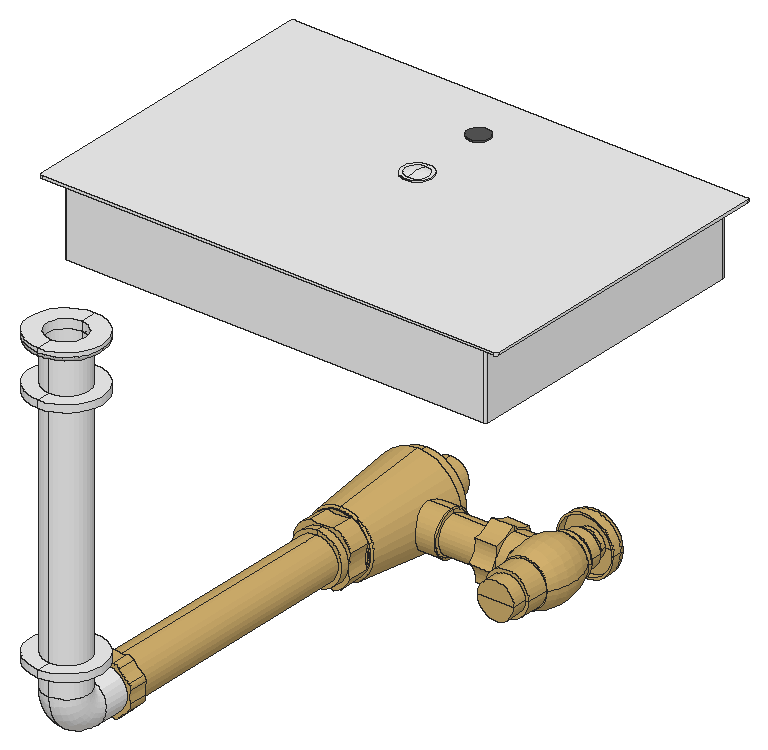
Revit family "Flush_Valve-Urinal_Concealed-American_Standard-Selectronic-Exposed_Back_Spud-606B3X1_Series", category Plumbing Fixtures, host Face, Revit 2019
Family settings
  Host = Face
  Round Connector Dimension = Use Diameter
  Part Type = Normal
  OmniClass Number = 23.65.70.00
  OmniClass Title = Terminals for Supplied Liquids and Gases
  Cut with Voids When Loaded = Yes
  Shared = Yes
  Room Calculation Point = No
Parameters (values of type "606B.361.007")
  Waste Connection = no
  Warranty Information = "1 Year Limited Warranty"  # constant formula
  WFU = 5  # constant formula
  Vent Connection = no
  URL = "http://www.americanstandard-us.com/"
  Type Comments = "Power Kits Must Be Purchased Separately."  # constant formula
  Tube Length to Fixture Constraint = 10"
  Tube Length to Fixture = if(Tube Length to Fixture Constraint > 17 3/4", 17 3/4", Tube Length to Fixture Constraint)  # 10"
  Revised Date = "10/01/2021"  # constant formula
  Product Page URL = "https://www.americanstandard-us.com/Sensor-Flush-Valves/Ultima-Selectronic-Concealed-Toilet-Flush-Valve-with-Wall-Box-Base-Model-Piston-Type-16-gpf-60-Lpf/NO-FINISH-606B361007"
  Product Documentation Link = "https://americanstandard.box.com/shared/static/js3fq7hfrxc4ak3h8332p8u99to0tl93.pdf"
  Price = "Prices may vary. Please consult Manufacturer Representative for most up-to-date price list."  # constant formula
  PK00.WRK Power Kit = no
  PK00.PAC Power Kit = no
  PK00.MAC Power Kit = no
  PK00.HAC Power Kit = no
  PK00.CRP Power Kit = no
  Operating Pressure = "25 psi (flowing) - 80 psi (static)"  # constant formula
  NPT Distance to Valve Constraint = 5 1/4"
  NPT Distance to Valve = if(NPT Distance to Valve Constraint < 4 1/4", 4 1/4", if(NPT Distance to Valve Constraint > 5 1/4", 5 1/4", NPT Distance to Valve Constraint))  # 5 1/4"
  Model = "606B.361.007"
  Material = "Brass-American Standard-Satin"
  Manufacturer = "American Standard"  # constant formula
  Installation Type = "Exposed Back Spud"  # constant formula
  Height = 13 7/8"
  HWFU = 0  # constant formula
  HW Connection = no
  Flush Rate = "1.6 gpf/6.0 Lpf"
  Flow Requirement = "25 gpm/94.6 L/min"  # constant formula
  Finish- Flush Valve = Brass-American Standard-Satin
  Finish = Stainless Steel-American Standard-007-Chrome
  Description = "Ultima Selectronic, Concealed Toilet Flush Valve With Wall Box, Piston-Type, Exposed Back Spud, 1.1 gpf"  # constant formula
  Default Elevation = 0"
  Critical Line Distance from Tube Constraint = 5 1/4"
  Critical Line Distance from Tube = if(Critical Line Distance from Tube Constraint < 6", 6", Critical Line Distance from Tube Constraint)  # 6"
  Creation Date = "03/30/2021"  # constant formula
  Cold Water Connection Width = 4 1/4"
  Cold Water Connection Radius = 1/2"
  Cold Water Connection Diameter = Cold Water Connection Radius * 2  # 1"
  CWFU = 5  # constant formula
  CW Connection = yes
  Assembly Code = "D2020100"
  ADA Compliant = yes
Types (4): name | Tube Length to Fixture Constraint | Tube Length to Fixture | Product Page URL | NPT Distance to Valve Constraint | NPT Distance to Valve | Model | Flush Rate | Critical Line Distance from Tube Constraint
  (no name) | 10" | 10" | "https://www.americanstandard-us.com/Sensor-Flush-Valves/Ultima-Selectronic-Concealed-Toilet-Flush-Valve-with-Wall-Box-Base-Model-Piston-Type-16-gpf-60-Lpf/NO-FINISH-606B361007" | 5 1/4" | 5 1/4" | "606B.361.007" | "1.6 gpf/6.0 Lpf" | 5 1/4"
  606B.311.007 | 6" | 6" | "https://www.americanstandard-us.com/Sensor-Flush-Valves/Ultima-Selectronic-Concealed-Toilet-Flush-Valve-with-Wall-Box-Base-Model-Piston-Type-11-gpf-42-Lpf/NO-FINISH-606B311007" | 4 1/4" | 4 1/4" | "606B.311.007" | "1.1 gpf/4.2 Lpf" | 4 1/4"
  606B.321.007 | 5" | 5" | "https://www.americanstandard-us.com/Sensor-Flush-Valves/Ultima-Selectronic-Concealed-Toilet-Flush-Valve-with-Wall-Box-Base-Model-Piston-Type-128-gpf-48-Lpf/NO-FINISH-606B321007" | 4 1/4" | 4 1/4" | "606B.321.007" | "1.28 gpf/4.8 Lpf" | 4 1/4"
  606B.361.007 | 10" | 10" | "https://www.americanstandard-us.com/Sensor-Flush-Valves/Ultima-Selectronic-Concealed-Toilet-Flush-Valve-with-Wall-Box-Base-Model-Piston-Type-16-gpf-60-Lpf/NO-FINISH-606B361007" | 5 1/4" | 5 1/4" | "606B.361.007" | "1.6 gpf/6.0 Lpf" | 5 1/4"
Reference planes (in)
  plane 1 "Center (Front/Back)": y = 0
  plane 2: z = 0
  plane 3 "Center (Left/Right)": x = 0
  plane 4: z = -8.5
  plane 5: y = 16.69552
  plane 6: y = 15.94552
  plane 7: y = 15.82052
  plane 8: y = 15.63302
  plane 9: y = 15.25825
  plane 10: y = 11.88325
  plane 11: y = 11.852
  plane 12: y = 11.352
  plane 13: y = 11.32023
  plane 14: y = 10.852
  plane 15: y = 2.32052
  plane 16: z = -9.375
  plane 17: z = -9.407
  plane 18: z = -8.8744
  plane 19: z = -8.6244
  plane 20: z = -9
  plane 21: z = -8.9375
  plane 22: z = -8.99556
  plane 23: z = -9.25
  plane 24: z = -4
  plane 25: y = 1.69552
  plane 26: y = 15.22284
  plane 27: y = 15.72897
  plane 28: x = 5.25
  plane 29: z = -10
  plane 30: y = 6
  plane 31: y = 14.25
  plane 32: z = -8.38187
  plane 33: z = -10
  plane 34: z = 1.61813
Forms (in)
  Revolve 1, solid, material "Brass-American Standard-Satin" <- "Finish- Flush Valve"
    sketch origin (0, -21.89848, -5) x (0, -1, 0) y (0, 0, 1)
      loop
        line (-23.59401, -5) -> (-23.59401, -4) -> (-24.21901, -4) -> (-24.21901, -4.25) -> (-32.75048, -4.25) -> (-32.75048, -4.11211) -> (-33.01835, -4.11211) -> (-33.01835, -3.9375) -> (-33.75048, -3.9375) -> (-33.75048, -3.99556) -> (-33.78173, -3.99556) -> (-33.78173, -3.92387)
        arc (-33.78173, -3.92387) -> (-33.79573, -3.88446) -> (-33.83145, -3.8627) r 0.0625
        arc (-33.83145, -3.8627) -> (-35.48525, -3.60035) -> (-37.15673, -3.5) r 17.20619
        line (-37.15673, -3.5) -> (-37.15673, -3.6244) -> (-37.53151, -3.6244) -> (-37.53151, -3.8744) -> (-37.71901, -3.8744) -> (-37.71901, -4.407) -> (-37.84401, -4.407) -> (-37.84401, -4.375) -> (-38.59401, -4.375) -> (-38.59401, -5) -> (-23.59401, -5)
      axis (-38.59401, -5) -> (-23.59401, -5)
    angle from 0 to 360
  Sweep 2, solid, material "Stainless Steel-American Standard-007-Chrome"
    path origin (0, 0, -3.78125) x (0, 0, -1) y (0, 1, 0)
      loop
        line (6.21875, 1.69552) -> (6.21875, 0.8)
        arc (6.21875, 0.8) -> (5.98444, 0.23431) -> (5.41875, 0) r 0.8
        line (5.41875, 0) -> (-5.39938, 0)
    profile origin (0, 1.24776, -10) x (0, 0, -1) y (1, 0, 0)
      loop
        circle (0, 0) r 0.75
      loop
        circle (0, 0) r 0.65625
  Revolve 3, solid, material "Brass-American Standard-Satin" <- "Finish- Flush Valve"
    sketch origin (-8.47849, 14.25, -4.98125) x (-1, 0, 0) y (0, 0, 1)
      loop
        line (-8.47849, -5.01875) -> (-13.72849, -5.01875) -> (-13.72849, -5.83125) -> (-12.60349, -5.83125) -> (-12.60349, -6.01875) -> (-11.85349, -6.01875) -> (-11.85349, -5.64375) -> (-10.48636, -5.64375) -> (-10.48636, -5.73859)
        arc (-10.48636, -5.73859) -> (-10.47753, -5.75992) -> (-10.4562, -5.76875) r 0.03016
        line (-10.4562, -5.76875) -> (-8.47849, -5.76875) -> (-8.47849, -5.01875)
      axis (-13.72849, -5.01875) -> (-8.47849, -5.01875)
    angle from 0 to 360
  Extrusion 4, solid, material "Stainless Steel-American Standard-007-Chrome"
    sketch origin (0.00041, -3.21824, -1.38367) x (1, 0, 0) y (0, 1, 0)
      loop
        arc (7.23293, 12.28074) -> (7.28861, 12.3038) -> (7.31167, 12.35948) r 0.07874
        line (7.31167, 12.35948) -> (7.31167, 22.577)
        arc (7.31167, 22.577) -> (7.28861, 22.63268) -> (7.23293, 22.65574) r 0.07874
        line (7.23293, 22.65574) -> (-7.23375, 22.65574)
        arc (-7.23375, 22.65574) -> (-7.28943, 22.63268) -> (-7.31249, 22.577) r 0.07874
        line (-7.31249, 22.577) -> (-7.31249, 12.35948)
        arc (-7.31249, 12.35948) -> (-7.28943, 12.3038) -> (-7.23375, 12.28074) r 0.07874
        line (-7.23375, 12.28074) -> (7.23293, 12.28074)
      loop
        line (-7.18791, 22.53074) -> (-7.18791, 12.40673) -> (7.18709, 12.40673) -> (7.18709, 22.53074) -> (-7.18791, 22.53074)
    from -1.0688 to 1.38367
  Extrusion 5, solid, material "Stainless Steel-American Standard-007-Chrome"
    sketch origin (0.00041, -3.21824, -1.38367) x (1, 0, 0) y (0, 1, 0)
      loop
        arc (7.82772, 11.96824) -> (7.90506, 12.00028) -> (7.93709, 12.07762) r 0.10938
        line (7.93709, 12.07762) -> (7.93709, 22.85887)
        arc (7.93709, 22.85887) -> (7.90506, 22.93621) -> (7.82772, 22.96824) r 0.10938
        line (7.82772, 22.96824) -> (-7.82935, 22.96824)
        arc (-7.82935, 22.96824) -> (-7.90611, 22.93645) -> (-7.93791, 22.85968) r 0.10856
        line (-7.93791, 22.85968) -> (-7.93791, 12.07762)
        arc (-7.93791, 12.07762) -> (-7.90587, 12.00028) -> (-7.82853, 11.96824) r 0.10937
        line (-7.82853, 11.96824) -> (7.82772, 11.96824)
    from 1.38367 to 1.46241
  Revolve 6, solid, material "Stainless Steel-American Standard-007-Chrome"
    sketch origin (0, 23.1149, 51.16511) x (0, 0, -1) y (0, 1, 0)
      loop
        line (51.08637, -7.89205) -> (51.08637, -7.38592) -> (51.05437, -7.38592) -> (51.05437, -7.51092)
        arc (51.05437, -7.51092) -> (51.01515, -7.6997) -> (51.002, -7.89205) r 1.41307
        line (51.002, -7.89205) -> (51.08637, -7.89205)
      axis (51.002, -7.89205) -> (51.08637, -7.89205)
    angle from 0 to 360
  Extrusion 7, void
    sketch origin (2.67097, 2.78368, -5.01931) x (0, 1, 0) y (0, 0, 1)
      loop
        arc (12.45466, -4.99095) -> (12.24765, -4.66587) -> (12.15315, -4.29225) r 1.21199
        arc (12.15315, -4.29225) -> (11.78699, -4.20192) -> (11.46632, -4.00342) r 1.21199
        arc (11.46632, -4.00342) -> (11.1285, -4.22996) -> (10.73475, -4.33198) r 1.21199
        arc (10.73475, -4.33198) -> (10.70893, -4.71233) -> (10.47893, -5.01635) r 0.66675
        arc (10.47893, -5.01635) -> (10.7147, -5.32466) -> (10.77541, -5.708) r 0.79091
        arc (10.77541, -5.708) -> (11.17298, -5.74211) -> (11.49375, -5.97946) r 0.73286
        arc (11.49375, -5.97946) -> (11.79041, -5.76809) -> (12.14997, -5.70978) r 0.80183
        arc (12.14997, -5.70978) -> (12.24285, -5.32516) -> (12.45466, -4.99095) r 1.21199
      loop
        circle (11.46632, -4.98611) r 1.17089
    from 0.70403 to 1.45403
  Extrusion 8, void
    sketch origin (11.51341, 13.37924, -5.01931) x (-1, 0, 0) y (0, 0, 1)
      loop
        arc (12.61994, -5.46025) -> (12.54576, -5.00334) -> (12.61877, -4.54624) r 1.45559
        arc (12.61877, -4.54624) -> (12.25723, -4.27266) -> (11.99739, -3.90113) r 1.45579
        arc (11.99739, -3.90113) -> (11.51706, -3.99088) -> (11.0341, -3.91662) r 1.45556
        arc (11.0341, -3.91662) -> (10.77934, -4.2807) -> (10.42662, -4.55098) r 1.45579
        arc (10.42662, -4.55098) -> (10.46881, -5.00301) -> (10.42605, -5.45498) r 2.42631
        arc (10.42605, -5.45498) -> (10.81011, -5.72123) -> (11.09003, -6.09543) r 1.45598
        arc (11.09003, -6.09543) -> (11.51716, -6.03856) -> (11.94222, -6.10919) r 1.45598
        arc (11.94222, -6.10919) -> (12.22738, -5.72863) -> (12.61994, -5.46025) r 1.45598
      loop
        circle (11.52577, -4.98611) r 1.42647
    from 2.25378 to 2.97553
  Extrusion 9, void
    sketch origin (11.51341, 9.25, -5.01931) x (-1, 0, 0) y (0, 0, 1)
      loop
        arc (12.60002, -5.62524) -> (12.7775, -5.00598) -> (12.61976, -4.3814) r 1.2378
        arc (12.61976, -4.3814) -> (12.43901, -5.00061) -> (12.60002, -5.62524) r 1.21735
      loop
        arc (10.46392, -5.64564) -> (10.6063, -5.023) -> (10.4145, -4.41376) r 1.2198
        arc (10.4145, -4.41376) -> (10.2732, -5.03636) -> (10.46392, -5.64564) r 1.22665
      loop
        arc (12.12753, -3.89049) -> (11.51459, -3.72813) -> (10.90463, -3.90136) r 1.19802
        arc (10.90463, -3.90136) -> (11.51753, -4.05911) -> (12.12753, -3.89049) r 1.22716
      loop
        arc (12.15356, -6.06702) -> (11.52698, -5.89577) -> (10.90085, -6.06869) r 1.22591
        arc (10.90085, -6.06869) -> (11.52744, -6.24117) -> (12.15356, -6.06702) r 1.21847
    from 1.51929 to 2.58069
  Extrusion 10, void
    sketch origin (11.56028, 0.17623, -5.03494) x (-1, 0, 0) y (0, 0, 1)
      loop
        arc (12.43776, -5.19871) -> (12.41532, -4.93685) -> (12.4496, -4.67628) r 1.21735
        arc (12.4496, -4.67628) -> (12.44464, -4.60603) -> (12.39983, -4.5517) r 0.11559
        arc (12.39983, -4.5517) -> (12.19036, -4.3815) -> (12.0234, -4.16946) r 1.22116
        arc (12.0234, -4.16946) -> (11.95101, -4.10878) -> (11.85675, -4.10277) r 0.15153
        arc (11.85675, -4.10277) -> (11.5796, -4.14155) -> (11.30088, -4.11653) r 1.22716
        arc (11.30088, -4.11653) -> (11.1785, -4.12829) -> (11.08408, -4.20702) r 0.20827
        arc (11.08408, -4.20702) -> (10.93008, -4.39878) -> (10.7409, -4.55595) r 1.2261
        arc (10.7409, -4.55595) -> (10.67832, -4.63327) -> (10.66985, -4.73238) r 0.16961
        arc (10.66985, -4.73238) -> (10.69659, -4.94892) -> (10.68431, -5.16677) r 1.2198
        arc (10.68431, -5.16677) -> (10.70552, -5.33176) -> (10.80948, -5.46162) r 0.30778
        arc (10.80948, -5.46162) -> (10.95042, -5.57975) -> (11.07197, -5.71774) r 1.21828
        arc (11.07197, -5.71774) -> (11.16512, -5.78711) -> (11.28096, -5.79544) r 0.20715
        arc (11.28096, -5.79544) -> (11.53873, -5.76791) -> (11.79654, -5.79519) r 1.22591
        arc (11.79654, -5.79519) -> (11.90895, -5.78566) -> (11.99692, -5.71502) r 0.19339
        arc (11.99692, -5.71502) -> (12.16283, -5.5194) -> (12.36594, -5.36275) r 1.22145
        arc (12.36594, -5.36275) -> (12.42751, -5.29196) -> (12.43776, -5.19871) r 0.15712
      loop
        circle (11.55702, -4.93923) r 1.25
    from 1.51929 to 2.14429
  Extrusion 11, solid, material "Glass-American Standard-Glossy Black"
    sketch origin (0, 0, 0) x (1, 0, 0) y (0, 1, 0)
      loop
        circle (0, 17.88808) r 0.375
    from 0.06667 to 0.11074
  Revolve 12, solid, material "Brass-American Standard-Satin" <- "Finish- Flush Valve"
    sketch origin (0, 0, -10) x (1, 0, 0) y (0, 1, 0)
      loop
        line (5.25, 16.50741) -> (5.25, 12.07432) -> (5.875, 12.07432) -> (5.875, 12.57432) -> (6, 12.57432) -> (6, 13.32432) -> (6.05178, 13.32432)
        arc (6.05178, 13.32432) -> (6.25042, 14.19932) -> (6.05178, 15.07432) r 2.02641
        line (6.05178, 15.07432) -> (6, 15.13999) -> (6, 15.29675) -> (5.875, 15.44932) -> (5.875, 15.82432) -> (5.34375, 15.82432) -> (5.34375, 15.91626) -> (5.4375, 15.91626) -> (5.4375, 16.04019) -> (5.75, 16.04019) -> (5.75, 16.18894) -> (6.1875, 16.18894) -> (6.1875, 15.95536) -> (6.25, 15.95536) -> (6.25, 16.25741)
        arc (6.25, 16.25741) -> (6.17678, 16.43418) -> (6, 16.50741) r 0.25
        line (6, 16.50741) -> (5.25, 16.50741)
      axis (5.25, 12.07432) -> (5.25, 16.50741)
    angle from 0 to 360
  Revolve 13, solid, material "Stainless Steel-American Standard-007-Chrome"
    sketch origin (0, 0, 0) x (0, 1, 0) y (0, 0, 1)
      loop
        line (0, 0) -> (0, 0.25) -> (-1.25, 0.25) -> (-1.25, 0) -> (0, 0)
      loop
        line (-0.65294, 1.86813) -> (-1.25, 1.86813) -> (-1.25, 1.72589)
        arc (-1.25, 1.72589) -> (-1.20214, 1.61035) -> (-1.08661, 1.5625) r 0.16339
        line (-1.08661, 1.5625) -> (-0.65294, 1.5625) -> (-0.65294, 1.86813)
      loop
        line (0, -8.38187) -> (0, -8.13187) -> (-1.25, -8.13187) -> (-1.25, -8.38187) -> (0, -8.38187)
      axis (0, -8.38187) -> (0, 1.86813)
    angle from 0 to 360
Cuts and joins
  Extrusion 8, Extrusion 9, Extrusion 10 cuts Revolve 1
  Extrusion 7 cuts Revolve 3
Lines and regions (in)
  Masking region 1
    outline origin (0, 0, 0) x (1, 0, 0) y (0, 0, 1)
      loop
        line (-0.75, 0.25) -> (-1.37564, 0.25) -> (-1.37564, 0.07874) -> (-7.9375, 0.07874) -> (-7.9375, 0) -> (8.9375, 0) -> (8.9375, 0.07874) -> (1.37268, 0.07874) -> (1.37268, 0.25) -> (0.75293, 0.25) -> (0.75293, 1.61813) -> (1.24474, 1.61813)
        arc (1.24474, 1.61813) -> (1.33685, 1.65628) -> (1.375, 1.74839) r 0.13026
        line (1.375, 1.74839) -> (1.375, 1.96813) -> (0.75, 1.96813) -> (0.75, 2.72001) -> (0, 2.72001) -> (-0.75, 2.72001) -> (-0.75, 1.96813) -> (-1.375, 1.96813) -> (-1.375, 1.74839)
        arc (-1.375, 1.74839) -> (-1.33685, 1.65628) -> (-1.24474, 1.61813) r 0.13026
        line (-1.24474, 1.61813) -> (-0.75, 1.61813) -> (-0.75, 0.25)
  symbolic lines, detail levels medium+fine
    curve 1: line (1.12632, 0, 1.61813) -> (0, 0, 1.61813)
    curve 2: line (0, 0, 1.61813) -> (-1.12632, 0, 1.61813)
    curve 3: line (1.00019, 0, 0.25) -> (0, 0, 0.25)
    curve 4: line (0, 0, 0.25) -> (-1.00132, 0, 0.25)
    curve 5: line (8.9375, 0, 0.07874) -> (-7.9375, 0, 0.07874)
    curve 6: line (0.75, 20.69251, 1.96813) -> (-0.75, 20.69251, 1.96813)
Dimensions and locks (in)
  locked: plane 27 to plane 26 at 0.50613
  "NPT Distance to Valve": plane 3 "Center (Left/Right)" to plane 28
  "Critical Line Distance from Tube": plane 30 to plane 1 "Center (Front/Back)"
  plane 28 to Revolve 3 sketch curve to Revolve 3 sketch curve = 1 1/8" locked, 3/4" locked
  locked: Revolve 3 sketch curve to plane 3 "Center (Left/Right)" at 2.00788
  locked: Extrusion 4 sketch curve to Extrusion 4 sketch curve at 0.125
  locked: Extrusion 4 sketch curve to Extrusion 4 sketch curve at 0.12599
  locked: Extrusion 4 sketch curve to Extrusion 4 sketch curve at 0.12458  (x2)
  locked: Extrusion 4 sketch curve to Extrusion 4 sketch curve at 14.62416
  locked: Extrusion 4 sketch curve to Extrusion 4 sketch curve at 10.375
  equal spacing: Extrusion 4 sketch curve, plane 3 "Center (Left/Right)", Extrusion 4 sketch curve
  locked: plane 29 to plane 32 at 1.61813
  plane 29 to plane 23 to plane 20 to plane 22 to plane 21 to plane 4 = 3/4" locked, 1/4" locked, 0.00444" locked, 0.05806" locked, 7/16" locked
  plane 4 to plane 19 to plane 18 to plane 16 to plane 17 = 0.1244" locked, 1/4" locked, 0.5006" locked, 0.032" locked
  locked: Extrusion 5 sketch curve to Extrusion 5 sketch curve at 15.875
  equal spacing: Extrusion 5 sketch curve, plane 3 "Center (Left/Right)", Extrusion 5 sketch curve
  locked: plane 31 to Extrusion 5 sketch curve at 5.5  (x2)
  equal spacing: Extrusion 4 sketch curve, plane 31, Extrusion 4 sketch curve
  plane 2 to plane 32 = 8.38187"
  plane 32 to plane 34 = 10"
  "Tube Length to Fixture": plane 32 to plane 34
  locked: plane 32 to Revolve 13 sketch curve at 0.25
  locked: Revolve 13 sketch curve to level at 0.25
  locked: plane 34 to Revolve 13 sketch curve at 0.25
  radius of Revolve 12 sketch curve = 2.02641"
  radius of Revolve 12 sketch curve = 1/4"
  radius of Extrusion 7 sketch curve = 0.66675"
  radius of Extrusion 7 sketch curve = 1.21199"  (x4)
  radius of Extrusion 7 sketch curve = 0.80183"
  radius of Extrusion 7 sketch curve = 0.73286"
  radius of Extrusion 7 sketch curve = 0.79091"
  radius of Extrusion 7 sketch curve = 1.17089"  (x2)
  radius of Sweep 2 sketch curve = 3/4"
  radius of Sweep 2 sketch curve = 0.8"
  aligned and locked: plane 2 to host face
  aligned and locked: level to host face
  aligned and locked: cut or joined group of Revolve 3, Extrusion 7 to plane 28
  aligned and locked: cut or joined group of Revolve 3, Extrusion 7 to plane 3 "Center (Left/Right)"
  aligned and locked: Extrusion 7 to Revolve 3  (x2)
  aligned and locked: plane 3 "Center (Left/Right)" to cut or joined group of Revolve 1, Extrusion 8, Extrusion 9, Extrusion 10
  aligned and locked: plane 31 to Extrusion 7 sketch curve
  aligned and locked: Revolve 1 sketch curve to plane 29
  aligned and locked: plane 29 to Revolve 1 sketch curve
  aligned and locked: plane 29 to Sweep 2 sketch curve
  aligned and locked: plane 33 to plane 29
  aligned and locked: plane 33 to Revolve 12  (x2)
  aligned and locked: plane 34 to curve 2
  aligned and locked: plane 1 "Center (Front/Back)" to Sweep 2 sketch curve
Automatic sketch dimensions
  host sketch curve to host sketch curve = 96"  (x2)
  Revolve 1 sketch curve to plane 5 = 0"
  Revolve 1 sketch curve to plane 6 = 0"
  Revolve 1 sketch curve to plane 7 = 0"
  Revolve 1 sketch curve to plane 8 = 0"
  plane 4 to Revolve 1 sketch curve = 0"
  Revolve 1 sketch curve to plane 9 = 0"
  Revolve 1 sketch curve to plane 10 = 0"
  Revolve 1 sketch curve to plane 11 = 0"
  plane 21 to Revolve 1 sketch curve = 0"
  Revolve 1 sketch curve to plane 14 = 0"
  Revolve 1 sketch curve to plane 15 = 0"
  plane 20 to Revolve 1 sketch curve = 0"
  Revolve 1 sketch curve to plane 17 = 0"
  Revolve 1 sketch curve to plane 16 = 0"
  plane 23 to Revolve 1 sketch curve = 0"
  Revolve 1 sketch curve to plane 22 = 0"
  plane 18 to Revolve 1 sketch curve = 0"
  plane 19 to Revolve 1 sketch curve = 0"
  Revolve 1 sketch curve to plane 8 = 0.1806"
  Revolve 1 sketch curve to plane 21 = 0.01363"
  Revolve 1 sketch curve to Revolve 1 sketch curve = 1/16"
  Revolve 1 sketch curve to plane 13 = 0.20036"
  Revolve 1 sketch curve to plane 15 = 5/8"
  Revolve 1 sketch curve to Revolve 1 sketch curve = 15.7051"
  plane 20 to Revolve 1 sketch curve = 0.11211"
  Revolve 1 sketch curve to plane 14 = 4.16778"
  Revolve 1 sketch curve to Revolve 1 sketch curve = 1/4"
  Sweep 2 sketch curve to profile plane = 0"  (x2)
  Revolve 6 sketch curve to plane 26 = 0"  (x2)
  Revolve 6 sketch curve to plane 27 = 0"
  level to Revolve 6 sketch curve = 0.16311"
  level to Revolve 6 sketch curve = 0.11074"
  level to Revolve 6 sketch curve = 0.07874"
  Revolve 6 sketch curve to level = 1.24996"
  Revolve 6 sketch curve to Revolve 6 sketch curve = 0"
  level to Revolve 6 sketch curve = 0.02397"
  Revolve 3 sketch curve to plane 28 = 0"
  Revolve 3 sketch curve to plane 3 "Center (Left/Right)" = 0"
  Revolve 3 sketch curve to plane 29 = 0"  (x2)
  Revolve 3 sketch curve to Revolve 3 sketch curve = 0.03016"
  plane 29 to Revolve 3 sketch curve = 5/8"
  Revolve 3 sketch curve to Revolve 3 sketch curve = 0.09484"
  Revolve 3 sketch curve to Revolve 3 sketch curve = 3/16"  (x2)
  Revolve 3 sketch curve to Revolve 3 sketch curve = 1/2"
  Revolve 3 sketch curve to Revolve 3 sketch curve = 2"
  Extrusion 4 sketch curve to Extrusion 4 sketch curve = 0.07874"
  Extrusion 4 sketch curve to Extrusion 4 sketch curve = 0.04584"  (x2)
  Extrusion 4 sketch curve to Extrusion 4 sketch curve = 0.04626"
  Extrusion 5 sketch curve to Extrusion 5 sketch curve = 0.10856"
  Extrusion 5 sketch curve to Extrusion 5 sketch curve = 7/64"  (x2)
  plane 29 to Extrusion 8 sketch curve = 0.02079"  (x2)
  Extrusion 8 sketch curve to plane 28 = 1.77909"
  plane 3 "Center (Left/Right)" to Extrusion 8 sketch curve = 1.7855"
  plane 3 "Center (Left/Right)" to Extrusion 8 sketch curve = 1.71411"
  plane 3 "Center (Left/Right)" to Extrusion 8 sketch curve = 0.01975"  (x2)
  plane 29 to Extrusion 8 sketch curve = 0.00542"
  Extrusion 8 sketch curve to plane 3 "Center (Left/Right)" = 0.01236"
  Extrusion 8 sketch curve to plane 3 "Center (Left/Right)" = 1.72093"
  Extrusion 8 sketch curve to plane 3 "Center (Left/Right)" = 1.79232"
  Extrusion 8 sketch curve to Extrusion 8 sketch curve = 0.69561"
  plane 29 to Extrusion 8 sketch curve = 1.78847"
  plane 29 to Extrusion 8 sketch curve = 1.79957"
  Extrusion 8 sketch curve to Extrusion 8 sketch curve = 0.72519"
  Extrusion 8 sketch curve to plane 29 = 1.70686"
  Extrusion 8 sketch curve to plane 29 = 1.71796"
  Extrusion 8 sketch curve to Extrusion 8 sketch curve = 0.73832"
  plane 29 to Extrusion 8 sketch curve = 0.47429"
  plane 3 "Center (Left/Right)" to Extrusion 8 sketch curve = 1.08736"
  Extrusion 8 sketch curve to plane 29 = 0.42971"
  plane 3 "Center (Left/Right)" to Extrusion 8 sketch curve = 0.47931"
  plane 3 "Center (Left/Right)" to Extrusion 8 sketch curve = 0.42338"
  Extrusion 8 sketch curve to plane 3 "Center (Left/Right)" = 0.42881"
  Extrusion 8 sketch curve to plane 3 "Center (Left/Right)" = 0.48398"
  Extrusion 8 sketch curve to plane 29 = 0.43445"
  plane 29 to Extrusion 9 sketch curve = 0.09121"
  plane 29 to Extrusion 9 sketch curve = 0.0065"
  plane 3 "Center (Left/Right)" to Extrusion 9 sketch curve = 0.01454"
  plane 3 "Center (Left/Right)" to Extrusion 9 sketch curve = 0.00679"
  Extrusion 9 sketch curve to plane 3 "Center (Left/Right)" = 0.01183"
  Extrusion 9 sketch curve to plane 3 "Center (Left/Right)" = 0.01241"
  Extrusion 9 sketch curve to plane 3 "Center (Left/Right)" = 0.0152"
  plane 29 to Extrusion 9 sketch curve = 0.00564"
  Extrusion 9 sketch curve to plane 3 "Center (Left/Right)" = 0.02644"
  plane 29 to Extrusion 9 sketch curve = 0.03924"
  Extrusion 9 sketch curve to Extrusion 9 sketch curve = 0.03637"
  Extrusion 9 sketch curve to plane 29 = 0.05459"
  plane 3 "Center (Left/Right)" to Extrusion 9 sketch curve = 1.09891"
  plane 29 to Extrusion 9 sketch curve = 0.66495"
  Extrusion 9 sketch curve to Extrusion 9 sketch curve = 0.43693"
  plane 3 "Center (Left/Right)" to Extrusion 9 sketch curve = 0.60878"
  Extrusion 9 sketch curve to plane 3 "Center (Left/Right)" = 0.64015"
  Extrusion 9 sketch curve to Extrusion 9 sketch curve = 0.44646"
  Extrusion 9 sketch curve to plane 29 = 0.59929"
  plane 29 to Extrusion 10 sketch curve = 0.02445"
  plane 3 "Center (Left/Right)" to Extrusion 10 sketch curve = 2.08282"
  plane 3 "Center (Left/Right)" to Extrusion 10 sketch curve = 1.50435"
  plane 3 "Center (Left/Right)" to Extrusion 10 sketch curve = 1.46068"
  Extrusion 10 sketch curve to plane 29 = 0.26844"
  plane 3 "Center (Left/Right)" to Extrusion 10 sketch curve = 0.72463"
  plane 29 to Extrusion 10 sketch curve = 0.24643"
  Extrusion 10 sketch curve to Extrusion 10 sketch curve = 0.15318"
  plane 3 "Center (Left/Right)" to Extrusion 10 sketch curve = 0.32298"
  plane 3 "Center (Left/Right)" to Extrusion 10 sketch curve = 0.30156"
  plane 3 "Center (Left/Right)" to Extrusion 10 sketch curve = 0.02097"
  plane 3 "Center (Left/Right)" to Extrusion 10 sketch curve = 0.01105"
  plane 3 "Center (Left/Right)" to Extrusion 10 sketch curve = 0.00326"
  Extrusion 10 sketch curve to plane 3 "Center (Left/Right)" = 0.27683"
  Extrusion 10 sketch curve to plane 3 "Center (Left/Right)" = 0.33443"
  plane 29 to Extrusion 10 sketch curve = 0.26388"
  Extrusion 10 sketch curve to Extrusion 10 sketch curve = 0.44646"
  Extrusion 10 sketch curve to Extrusion 10 sketch curve = 0.05372"
  Extrusion 10 sketch curve to Extrusion 10 sketch curve = 185/256"
  Extrusion 10 sketch curve to Extrusion 10 sketch curve = 0.72316"
  Extrusion 10 sketch curve to plane 29 = 0.00063"
  Extrusion 10 sketch curve to Extrusion 10 sketch curve = 1.29506"
  Extrusion 10 sketch curve to Extrusion 10 sketch curve = 0.38145"
  Extrusion 10 sketch curve to Extrusion 10 sketch curve = 0.37716"
  Extrusion 10 sketch curve to Extrusion 10 sketch curve = 1.17397"
  Extrusion 10 sketch curve to Extrusion 10 sketch curve = 0.85877"
  Extrusion 10 sketch curve to Extrusion 10 sketch curve = 1.38771"
  Extrusion 10 sketch curve to plane 29 = 0.02583"
  Extrusion 10 sketch curve to plane 29 = 0.31615"
  Extrusion 10 sketch curve to Extrusion 10 sketch curve = 0.37613"
  Extrusion 10 sketch curve to Extrusion 10 sketch curve = 0.39945"
  Extrusion 10 sketch curve to Extrusion 10 sketch curve = 1.1576"
  Extrusion 10 sketch curve to Extrusion 10 sketch curve = 1.12426"
  Extrusion 10 sketch curve to Extrusion 10 sketch curve = 1.3347"
  Extrusion 10 sketch curve to Extrusion 10 sketch curve = 0.1658"
  Extrusion 10 sketch curve to Extrusion 10 sketch curve = 0"  (x15)
  Extrusion 11 sketch curve to plane 3 "Center (Left/Right)" = 0"
  plane 30 to Extrusion 11 sketch curve = 11.88808"
  Revolve 12 sketch curve to plane 28 = 0"  (x2)
  Revolve 12 sketch curve to plane 28 = 1.02599"
  plane 28 to Revolve 12 sketch curve = 3/32"
  Revolve 12 sketch curve to Revolve 12 sketch curve = 3/32"
  Revolve 12 sketch curve to Revolve 12 sketch curve = 5/16"
  plane 28 to Revolve 12 sketch curve = 5/8"
  Revolve 12 sketch curve to Revolve 12 sketch curve = 1/8"  (x2)
  plane 28 to Revolve 12 sketch curve = 3/4"
  Revolve 12 sketch curve to Revolve 12 sketch curve = 1/4"
  Revolve 12 sketch curve to Revolve 12 sketch curve = 0.05178"  (x2)
  Revolve 12 sketch curve to Revolve 12 sketch curve = 1/16"
  plane 30 to Revolve 12 sketch curve = 6.07432"
  Revolve 12 sketch curve to Revolve 12 sketch curve = 1/2"  (x2)
  Revolve 12 sketch curve to Revolve 12 sketch curve = 3/4"
  Revolve 12 sketch curve to Revolve 12 sketch curve = 0.06567"
  Revolve 12 sketch curve to Revolve 12 sketch curve = 0.15676"
  Revolve 12 sketch curve to Revolve 12 sketch curve = 0.15257"
  Revolve 12 sketch curve to Revolve 12 sketch curve = 3/8"
  Revolve 12 sketch curve to Revolve 12 sketch curve = 0.09194"
  Revolve 12 sketch curve to Revolve 12 sketch curve = 0.13105"
  Revolve 12 sketch curve to Revolve 12 sketch curve = 0.12393"
  Revolve 12 sketch curve to Revolve 12 sketch curve = 0.14875"
  Revolve 12 sketch curve to Revolve 12 sketch curve = 0.06847"
  Revolve 12 sketch curve to Revolve 12 sketch curve = 0.63623"
  Extrusion 9 sketch curve to Extrusion 9 sketch curve = 1.02702"
  Extrusion 9 sketch curve to Extrusion 9 sketch curve = 1.05619"
  Extrusion 9 sketch curve to Extrusion 9 sketch curve = 1.47603"
  Extrusion 9 sketch curve to Extrusion 9 sketch curve = 1.54939"
  Extrusion 9 sketch curve to plane 3 "Center (Left/Right)" = 0.61412"
  Extrusion 7 sketch curve to plane 31 = 0"
  Extrusion 7 sketch curve to plane 29 = 0.79503"
  Extrusion 7 sketch curve to Extrusion 7 sketch curve = 0.0017"
  plane 29 to Extrusion 7 sketch curve = 0.65558"
  Extrusion 7 sketch curve to Extrusion 7 sketch curve = 0.79139"
  Extrusion 7 sketch curve to Extrusion 7 sketch curve = 0.08208"
  plane 29 to Extrusion 7 sketch curve = 0.00542"
  Extrusion 7 sketch curve to plane 29 = 0.50181"
  Extrusion 7 sketch curve to Extrusion 7 sketch curve = 1.35451"
  Extrusion 7 sketch curve to Extrusion 7 sketch curve = 1.10096"
  plane 29 to Extrusion 7 sketch curve = 0.01026"
  Extrusion 7 sketch curve to plane 29 = 0.68844"
  plane 29 to Extrusion 7 sketch curve = 0.7291"
  Extrusion 7 sketch curve to Extrusion 7 sketch curve = 0.65622"
  Extrusion 7 sketch curve to Extrusion 7 sketch curve = 0.68683"
  plane 29 to Extrusion 7 sketch curve = 0.72731"
  Extrusion 7 sketch curve to plane 29 = 0.64871"
  curve 2 to plane 3 "Center (Left/Right)" = 0"
  curve 3 to plane 3 "Center (Left/Right)" = 0"
  level to curve 4 = 1/4"
  curve 4 to curve 3 = 1.00132"
  curve 2 to curve 2 = 1.12632"
  level to curve 5 = 0.07874"
  curve 5 to curve 4 = 6.93618"
  plane 3 "Center (Left/Right)" to curve 3 = 1.00019"
  plane 3 "Center (Left/Right)" to curve 1 = 1.12632"
  plane 28 to curve 5 = 3 11/16"
  Extrusion 4 sketch curve to plane 3 "Center (Left/Right)" = 7.31208"
  Masking region 1 sketch curve to level = 0"
  Masking region 1 sketch curve to plane 3 "Center (Left/Right)" = 0"
  Masking region 1 sketch curve to plane 3 "Center (Left/Right)" = 3/4"  (x2)
  level to Masking region 1 sketch curve = 1/4"  (x2)
  Masking region 1 sketch curve to Masking region 1 sketch curve = 0.49474"
  Masking region 1 sketch curve to Masking region 1 sketch curve = 0.13026"  (x2)
  level to Masking region 1 sketch curve = 0.07874"  (x2)
  Masking region 1 sketch curve to Masking region 1 sketch curve = 0.62564"
  Masking region 1 sketch curve to Masking region 1 sketch curve = 6.56186"
  plane 3 "Center (Left/Right)" to Masking region 1 sketch curve = 3/4"
  Masking region 1 sketch curve to Masking region 1 sketch curve = 0.00293"
  Masking region 1 sketch curve to Masking region 1 sketch curve = 0.49181"
  Masking region 1 sketch curve to Masking region 1 sketch curve = 0.61975"
  plane 28 to Masking region 1 sketch curve = 3 11/16"
  Masking region 1 sketch curve to Masking region 1 sketch curve = 0.75187"
  curve 6 to plane 3 "Center (Left/Right)" = 3/4"
  plane 3 "Center (Left/Right)" to curve 6 = 3/4"
  plane 30 to Extrusion 5 sketch curve = 2 55/64"
  plane 30 to Extrusion 4 sketch curve = 3 1/16"
  level to curve 6 = 1.96813"
  Masking region 1 sketch curve to Masking region 1 sketch curve = 1.36813"  (x2)
  Masking region 1 sketch curve to Masking region 1 sketch curve = 0.35"  (x2)
  Sweep 2 sketch curve to plane 34 = 0"
  Sweep 2 sketch curve to plane 25 = 0"
  Sweep 2 sketch curve to Sweep 2 sketch curve = 0"  (x2)
  Revolve 13 sketch curve to level = 0"
  plane 32 to Revolve 13 sketch curve = 0"
  Revolve 13 sketch curve to plane 1 "Center (Front/Back)" = 0"  (x3)
  plane 1 "Center (Front/Back)" to Revolve 13 sketch curve = 0.65294"
  plane 34 to Revolve 13 sketch curve = 0.10775"
  Revolve 13 sketch curve to Revolve 13 sketch curve = 0.43367"
  Revolve 13 sketch curve to Revolve 13 sketch curve = 0.16339"
  Revolve 13 sketch curve to Revolve 13 sketch curve = 1 1/4"
  plane 1 "Center (Front/Back)" to Revolve 13 sketch curve = 1 1/4"
  plane 34 to Revolve 13 sketch curve = 0.5869"
  Revolve 13 sketch curve to Revolve 13 sketch curve = 0.62267"
  radius of Extrusion 8 sketch curve = 1.42647"
  radius of Extrusion 10 sketch curve = 1 1/4"
  radius of Extrusion 11 sketch curve = 3/8"
  radius of Sweep 2 sketch curve = 21/32"
Connectors (in)
  piping at (5.25, 12.07432, -10), diameter 1, driven by "Cold Water Connection Diameter", driven by "CWFU"
    settings: on Revolve 12, index 1, connector inside diameter 24", connector length 0", flow factor 0, pipe flow 0 GPM, pressure drop 0.00 psi, fitting loss kfactor 0, connector angle 0.00°, fixture units 5, engagement length 0", angle of deflection 0.00°, flow configuration 3, flow direction 1, fitting loss method 0, system type 20, joint type 0, gender type 0, connector reference index -1, connector utility 0, adjustable connector no, is connector primary yes, connector description "1\" N.P.T. CW Inlet Connection"
